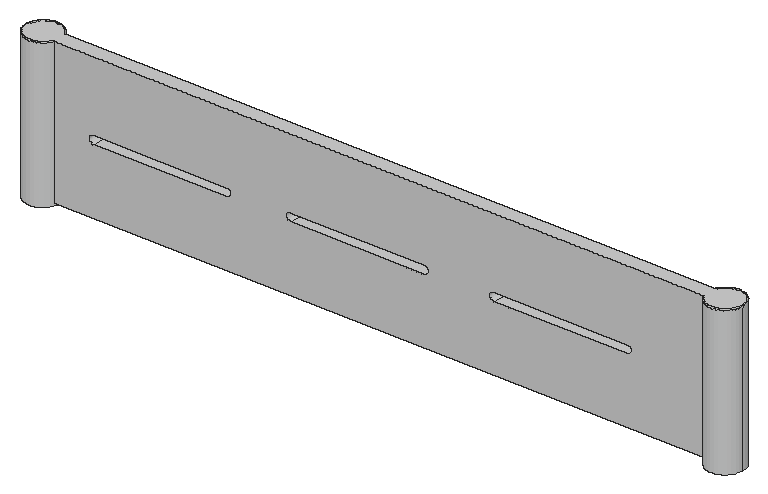
Revit family "Shelf_Shower_Abey_Builders_FaceBased", category Specialty Equipment, host Face, Revit 2022
Family settings
  Host = Face
  Round Connector Dimension = Use Diameter
  Part Type = Normal
  OmniClass Number = 23.31.25.29.11
  OmniClass Title = Hand Soap Holders
  Cut with Voids When Loaded = No
  Maintain Annotation Orientation = No
  Shared = No
  Room Calculation Point = No
Parameters (values of type "Chrome (1AB-SS)")
  Uniclass2015Version = "Products v1.38"
  Uniclass2015Title = "Soap dishes"
  Uniclass2015Code = "Pr_40_20_76_82"
  URL = "https://www.abey.com.au/"
  Type Comments = "Shelf - Shower - Chrome"
  ModifiedIssue = 20251103
  Model = "1AB-SS"
  Material = Metal_Abey_Chrome
  ManufacturerURLProductSpecific = "https://www.abeyspecifier.com.au/product/abey-builders-shower-shelf/"
  ManufacturerSpecCode = Model  # "1AB-SS"
  ManufacturerOverallWidth = 500 mm  # constant formula
  ManufacturerOverallHeight = 25 mm  # constant formula
  ManufacturerOverallDepth = 103 mm  # constant formula
  Manufacturer = "Abey"
  Keynote = ""
  IfcExportType = "NOTDEFINED"
  IfcExportAs = "IfcFurniture"
  Description = "Abey Builders Shower Shelf Chrome"
  Default Elevation = 900 mm
  CreatedByURL = "https://igsgroup.com.au"
  CreatedBy = "IGS BIM Solutions"  # constant formula
  Cost = 0
  Assembly Code = "C1030210"
Types (3, lengths in mm): name | Type Comments | Model | Material | ManufacturerURLProductSpecific | ManufacturerSpecCode | Description
  Chrome (1AB-SS) | "Shelf - Shower - Chrome" | "1AB-SS" | Metal_Abey_Chrome | "https://www.abeyspecifier.com.au/product/abey-builders-shower-shelf/" | "1AB-SS" | "Abey Builders Shower Shelf Chrome"
  Brushed Nickel (1AB-SS-BN) | "Shelf - Shower - Brushed Nickel" | "1AB-SS-BN" | Metal_Abey_BrushedNickel | "https://www.abeyspecifier.com.au/product/abey-builders-shower-shelf/?attribute_pa_finish=brushed-nickel" | "1AB-SS-BN" | "Abey Builders Shower Shelf Brushed Nickel"
  Black (1AB-SS-B) | "Shelf - Shower - Black" | "1AB-SS-B" | Metal_Abey_Black | "https://www.abeyspecifier.com.au/product/abey-builders-shower-shelf/?attribute_pa_finish=black" | "1AB-SS-B" | "Abey Builders Shower Shelf Black"
Reference planes
  plane 1 "Top": y = 31.5
  plane 2 "WallFace": z = 0
  plane 3 "Center (Left/Right)": x = -97.18
  plane 4 "Bottom": y = 6.5
  plane 5 "Left": x = -347.18
  plane 6 "Right": x = 152.82
  plane 7 "Back": z = 0
  plane 8 "Front": z = 103
  plane 9 "MountingHeight": y = 19
Text (mm)
  text "Disclaimer:\nDue to ongoing product development and manufacturing evolution, product details are subject to change without notice. Please refer to product technical data sheets on the manufacturers website for the most current product information. Please allow a +/- 5mm manufacturing tolerance for dimensions and set-outs shown in product literature." at (431.593, 11.453, 0), in view "Ref. Level"
Dimensions and locks
  equal spacing: plane 5 "Left", plane 3 "Center (Left/Right)", plane 6 "Right"
  "ManufacturerOverallWidth": plane 5 "Left" to plane 6 "Right"
  "ManufacturerOverallHeight": plane 4 "Bottom" to plane 1 "Top"
  "ManufacturerOverallDepth": plane 8 "Front" to plane 7 "Back"
  equal spacing: plane 4 "Bottom", plane 9 "MountingHeight", plane 1 "Top"
  aligned and locked: plane 2 "WallFace" to host face
  aligned and locked: level to host face
  aligned and locked: plane 7 "Back" to plane 2 "WallFace"
  aligned and locked: plane 7 "Back" to nested 1
  aligned and locked: plane 3 "Center (Left/Right)" to nested 1
  aligned and locked: nested 1 to plane 9 "MountingHeight"
Automatic sketch dimensions
  host sketch curve to host sketch curve = 591.022 mm
  host sketch curve to host sketch curve = 204.032 mm
Nested families
  nested 1: "z_Shelf_Shower_Abey_Builders" at (-34.68, 19, 177.5) x (1, 0, 0) z (0, 1, 0), type "Type 1"
Definition of nested family "z_Shelf_Shower_Abey_Builders"
  Parameters (values of type "Type 1")
    URL = "https://www.abey.com.au/"
    Type Comments = ""
    Model = ""
    ManufacturerOverallWidth = 500 mm  # constant formula
    ManufacturerOverallHeight = 25 mm  # constant formula
    ManufacturerOverallDepth = 103 mm  # constant formula
    Manufacturer = "Abey"
    Description = ""
    Default Elevation = 0 mm
    CreatedByURL = "https://igsgroup.com.au"
    CreatedBy = "IGS BIM Solutions"  # constant formula
    Material = none
    Assembly Code = "C1030210"
  Reference planes
    plane 1 "Ref. Level": z = 0
    plane 2 "Left": x = -312.5
    plane 3 "Right": x = 187.5
    plane 4 "Back": y = 177.5
    plane 5 "Center (Elevation)": z = 0
    plane 6 "Top": z = 12.5
    plane 7 "Center (Left/Right)": x = -62.5
    plane 8 "Front": y = 74.5
    plane 9 "Bottom": z = -12.5
  Forms (mm)
    Revolve 1, solid, material <- "Material"
      sketch origin (0, 0, 0) x (0, -1, 0) y (1, 0, 0)
        loop
          line (-177.5, -300) -> (-74.5, -300) -> (-74.5, -288)
          arc (-74.5, -288) -> (-74.646, -287.646) -> (-75, -287.5) r 0.5
          line (-75, -287.5) -> (-177.5, -287.5) -> (-177.5, -300)
        axis (-74.5, -300) -> (-177.5, -300)
      angle from 0 to 360
    Revolve 2, solid, material <- "Material"
      sketch origin (-125, 0, 0) x (0, 1, 0) y (-1, 0, 0)
        loop
          line (177.5, -300) -> (177.5, -287.5) -> (75, -287.5)
          arc (75, -287.5) -> (74.646, -287.646) -> (74.5, -288) r 0.5
          line (74.5, -288) -> (74.5, -300) -> (177.5, -300)
        axis (74.5, -300) -> (177.5, -300)
      angle from 0 to 360
    Extrusion 3, solid, material <- "Material"
      sketch origin (0, 0, 0) x (0, -1, 0) y (1, 0, 0)
        loop
          line (-175.5, -297.5) -> (-74.5, -297.5) -> (-74.5, 167.5) -> (-175.5, 167.5) -> (-175.5, -297.5)
        loop
          arc (-129.599, -260.816) -> (-126.599, -263.816) -> (-123.599, -260.816) r 3
          line (-123.599, -260.816) -> (-123.599, -168.059)
          arc (-123.599, -168.059) -> (-126.599, -165.059) -> (-129.599, -168.059) r 3
          line (-129.599, -168.059) -> (-129.599, -260.816)
        loop
          line (-129.599, 110.816) -> (-129.599, 18.059)
          arc (-129.599, 18.059) -> (-126.599, 15.059) -> (-123.599, 18.059) r 3
          line (-123.599, 18.059) -> (-123.599, 110.816)
          arc (-123.599, 110.816) -> (-126.599, 113.816) -> (-129.599, 110.816) r 3
        loop
          arc (-129.599, -123.316) -> (-126.599, -126.316) -> (-123.599, -123.316) r 3
          line (-123.599, -123.316) -> (-123.599, -30.559)
          arc (-123.599, -30.559) -> (-126.599, -27.559) -> (-129.599, -30.559) r 3
          line (-129.599, -30.559) -> (-129.599, -123.316)
      from -5 to 5
  Cuts and joins
    joined: Revolve 1, Revolve 2, Extrusion 3
  Lines and regions (mm)
    Masking region 1
      outline origin (0, 0, 12.5) x (0, -1, 0) y (1, 0, 0)
        loop
          line (-177.5, -312.5) -> (-75, -312.5)
          arc (-75, -312.5) -> (-74.646, -312.354) -> (-74.5, -312) r 0.5
          line (-74.5, -312) -> (-74.5, 187)
          arc (-74.5, 187) -> (-74.646, 187.354) -> (-75, 187.5) r 0.5
          line (-75, 187.5) -> (-177.5, 187.5) -> (-177.5, 162.5) -> (-175.5, 162.5) -> (-175.5, -287.5) -> (-177.5, -287.5) -> (-177.5, -312.5)
    symbolic lines, detail levels medium+fine
      curve 1: line (-287.5, 175.5, 12.5) -> (-288.544, 175.5, 12.5)
      curve 2: line (-288.544, 175.5, 12.5) -> (-288.544, 74.5, 12.5)
      curve 3: line (162.5, 175.5, 12.5) -> (163.544, 175.5, 12.5)
      curve 4: line (163.544, 175.5, 12.5) -> (163.544, 74.5, 12.5)
      curve 5: line (-168.059, 123.599, 12.5) -> (-260.816, 123.599, 12.5)
      curve 6: arc (-260.816, 123.599, 12.5) -> (-263.816, 126.599, 12.5) -> (-260.816, 129.599, 12.5) r 3
      curve 7: line (-260.816, 129.599, 12.5) -> (-168.059, 129.599, 12.5)
      curve 8: arc (-168.059, 129.599, 12.5) -> (-165.059, 126.599, 12.5) -> (-168.059, 123.599, 12.5) r 3
      curve 9: line (-30.559, 123.599, 12.5) -> (-123.316, 123.599, 12.5)
      curve 10: arc (-123.316, 123.599, 12.5) -> (-126.316, 126.599, 12.5) -> (-123.316, 129.599, 12.5) r 3
      curve 11: line (-123.316, 129.599, 12.5) -> (-30.559, 129.599, 12.5)
      curve 12: arc (-30.559, 129.599, 12.5) -> (-27.559, 126.599, 12.5) -> (-30.559, 123.599, 12.5) r 3
      curve 13: line (18.059, 129.599, 12.5) -> (110.816, 129.599, 12.5)
      curve 14: arc (110.816, 129.599, 12.5) -> (113.816, 126.599, 12.5) -> (110.816, 123.599, 12.5) r 3
      curve 15: line (110.816, 123.599, 12.5) -> (18.059, 123.599, 12.5)
      curve 16: arc (18.059, 123.599, 12.5) -> (15.059, 126.599, 12.5) -> (18.059, 129.599, 12.5) r 3
  Dimensions and locks
    "ManufacturerOverallWidth": plane 2 "Left" to plane 3 "Right"
    equal spacing: plane 2 "Left", plane 7 "Center (Left/Right)", plane 3 "Right"
    "ManufacturerOverallDepth": plane 8 "Front" to plane 4 "Back"
    equal spacing: plane 6 "Top", plane 5 "Center (Elevation)", plane 9 "Bottom"
    "ManufacturerOverallHeight": plane 6 "Top" to plane 9 "Bottom"
    aligned and locked: level to plane 1 "Ref. Level"
  Automatic sketch dimensions
    plane 4 "Back" to Revolve 1 sketch curve = 0 mm  (x2)
    plane 8 "Front" to Revolve 1 sketch curve = 0 mm
    Revolve 1 sketch curve to plane 8 "Front" = 0.5 mm
    Revolve 1 sketch curve to Revolve 1 sketch curve = 12 mm
    Revolve 1 sketch curve to Revolve 1 sketch curve = 10 mm
    Revolve 1 sketch curve to Revolve 1 sketch curve = 0 mm
    plane 8 "Front" to Revolve 2 sketch curve = 0 mm
    plane 4 "Back" to Revolve 2 sketch curve = 0 mm  (x2)
    Revolve 2 sketch curve to plane 8 "Front" = 0.5 mm
    Revolve 2 sketch curve to Revolve 2 sketch curve = 12 mm
    Revolve 2 sketch curve to plane 4 "Back" = 10 mm
    Revolve 2 sketch curve to Revolve 2 sketch curve = 0 mm
    plane 4 "Back" to Extrusion 3 sketch curve = 2 mm
    Extrusion 3 sketch curve to plane 8 "Front" = 0 mm
    plane 4 "Back" to Extrusion 3 sketch curve = 47.901 mm  (x3)
    Extrusion 3 sketch curve to Extrusion 3 sketch curve = 3 mm  (x3)
    Extrusion 3 sketch curve to Extrusion 3 sketch curve = 92.757 mm
    Extrusion 3 sketch curve to Extrusion 3 sketch curve = 44.743 mm
    plane 7 "Center (Left/Right)" to Extrusion 3 sketch curve = 31.941 mm
    Extrusion 3 sketch curve to Extrusion 3 sketch curve = 48.618 mm
    Masking region 1 sketch curve to plane 2 "Left" = 0 mm
    plane 4 "Back" to Masking region 1 sketch curve = 0 mm  (x2)
    Masking region 1 sketch curve to plane 3 "Right" = 0 mm
    plane 8 "Front" to Masking region 1 sketch curve = 0 mm
    plane 4 "Back" to Masking region 1 sketch curve = 2 mm
    plane 2 "Left" to Masking region 1 sketch curve = 0.5 mm
    Masking region 1 sketch curve to plane 8 "Front" = 0.5 mm
    plane 8 "Front" to curve 4 = 0 mm
    plane 8 "Front" to curve 2 = 0 mm
    plane 4 "Back" to curve 3 = 2 mm
    plane 4 "Back" to curve 2 = 2 mm
    curve 2 to curve 1 = 1.044 mm
    curve 3 to curve 4 = 1.044 mm
    plane 4 "Back" to curve 7 = 47.901 mm
    curve 8 to curve 8 = 3 mm
    curve 6 to curve 5 = 92.757 mm
    plane 4 "Back" to curve 11 = 47.901 mm
    curve 10 to curve 10 = 3 mm
    curve 8 to curve 10 = 44.743 mm
    plane 7 "Center (Left/Right)" to curve 12 = 31.941 mm
    plane 4 "Back" to curve 13 = 47.901 mm
    curve 14 to curve 14 = 3 mm
    curve 12 to curve 16 = 48.618 mm
    curve 9 to plane 7 "Center (Left/Right)" = 60.816 mm
    plane 2 "Left" to curve 2 = 23.956 mm
    plane 2 "Left" to Revolve 1 sketch curve = 12.5 mm
    Extrusion 3 sketch curve to plane 7 "Center (Left/Right)" = 60.816 mm
    plane 2 "Left" to Extrusion 3 sketch curve = 15 mm
    plane 2 "Left" to Masking region 1 sketch curve = 25 mm
    plane 3 "Right" to curve 13 = 76.684 mm
    plane 3 "Right" to curve 4 = 23.956 mm
    plane 3 "Right" to Revolve 2 sketch curve = 12.5 mm
    plane 3 "Right" to Extrusion 3 sketch curve = 76.684 mm
    plane 3 "Right" to Extrusion 3 sketch curve = 20 mm
    plane 3 "Right" to Masking region 1 sketch curve = 25 mm
